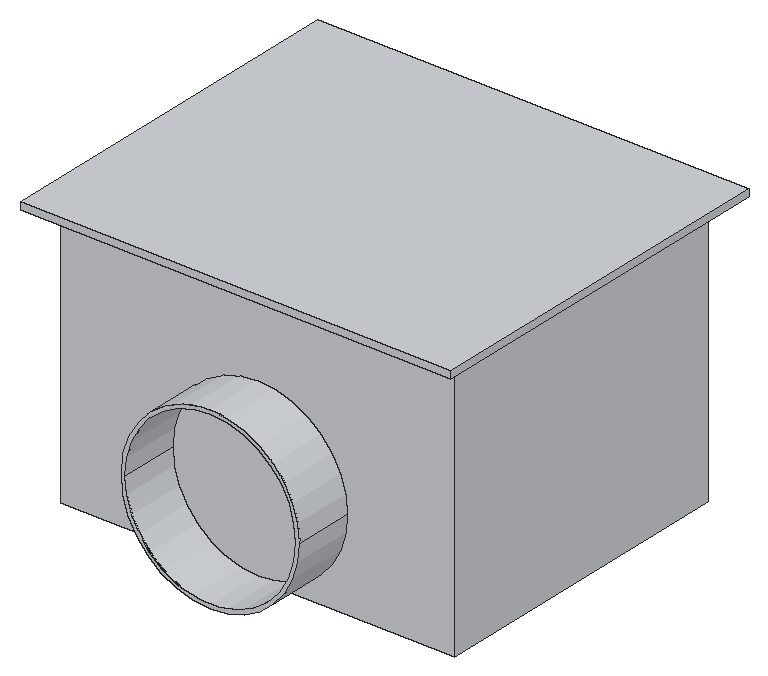
Revit family "EF-5", category Mechanical Equipment, host Face, Revit 2025
Family settings
  Host = Face
  Round Connector Dimension = Use Diameter
  Classification = None
  Part Type = Normal
  Cut with Voids When Loaded = Yes
  Maintain Annotation Orientation = Yes
  Shared = No
  Room Calculation Point = No
Parameters (values of type "SP-A125")
  g_t = 1/8"
  g_H = 1/4"
  g_B = 14 1/2"
  g_A = 12 1/2"
  URL = "https://www.greenheck.com/shop/browse-by-product-model/ceiling-exhaust-fans/sp-a/sp-a125"
  Model = "SP-A125"
  Manufacturer = "GREENHECK"
  Flow = 0 CFM
  Default Elevation = 48"
  D = 6"
  C = 9"
  B = 10 5/8"
  A = 13 1/4"
Reference planes (in)
  plane 1 "Center (Front/Back)": y = 0
  plane 2: z = 0
  plane 3 "Center (Left/Right)": x = 0
  plane 4: z = -9
  plane 5: z = 0.25
  plane 6 "A Face": y = -5.3125
Forms (in)
  Extrusion 1, solid
    sketch origin (0, 0, 0) x (1, 0, 0) y (0, 1, 0)
      loop
        line (-6.625, 5.3125) -> (-6.625, -5.3125) -> (6.625, -5.3125) -> (6.625, 5.3125) -> (-6.625, 5.3125)
    from 0 to -9
  Extrusion 2, solid
    sketch origin (0, 0, 0) x (1, 0, 0) y (0, 1, 0)
      loop
        line (-7.25, 6.25) -> (-7.25, -6.25) -> (7.25, -6.25) -> (7.25, 6.25) -> (-7.25, 6.25)
    from 0 to 0.25
Dimensions and locks (in)
  equal spacing: Extrusion 1 sketch curve, plane 3 "Center (Left/Right)", Extrusion 1 sketch curve
  equal spacing: Extrusion 1 sketch curve, plane 1 "Center (Front/Back)", Extrusion 1 sketch curve
  "B": Extrusion 1 sketch curve to Extrusion 1 sketch curve
  "A": Extrusion 1 sketch curve to Extrusion 1 sketch curve
  "C": plane 2 to plane 4
  equal spacing: Extrusion 2 sketch curve, plane 3 "Center (Left/Right)", Extrusion 2 sketch curve
  equal spacing: Extrusion 2 sketch curve, plane 1 "Center (Front/Back)", Extrusion 2 sketch curve
  "g_A": Extrusion 2 sketch curve to Extrusion 2 sketch curve
  "g_B": Extrusion 2 sketch curve to Extrusion 2 sketch curve
  "g_H": plane 5 to plane 2
  aligned and locked: plane 2 to host face
  aligned and locked: level to host face
  aligned and locked: plane 4 to Extrusion 1
  aligned and locked: plane 5 to Extrusion 2
  aligned and locked: plane 6 "A Face" to Extrusion 1
  aligned and locked: nested 1 to plane 3 "Center (Left/Right)"
  aligned and locked: plane 4 to nested 1
Automatic sketch dimensions
  host sketch curve to host sketch curve = 96"  (x2)
Nested families (in)
  nested 1: "Family1" at (0, -5.3125, -6) x (-1, 0, 0) z (0, -1, 0), type "Family1"
Connectors (in)
  hvac at (0, -7.3125, -6), driven by "Flow", driven by "D", driven by "D", driven by "D"
    settings: on nested 1, index 1, duct flow 0 CFM, flow factor 0, pres drop 0.00 in-wg, loss coef 0, conn angle 0.00°, conn width 6", conn height 6", conn diameter 6", duct sys type 2, conn prof type 0, flow config 0, flow direction 0, loss method 4, conn ref index -1, conn util no, is conn primary yes, conn desc ""
Definition of nested family "Family1"
  Parameters (values of type "Family1")
    Thickness = 1/4"
    Outer Diameter = 6"
    Inner Diameter = Outer Diameter - Thickness  # 5 3/4"
    Depth = 2"
    Default Elevation = 48"
  Reference planes (in)
    plane 1 "Center (Front/Back)": y = 0
    plane 2: z = 0
    plane 3 "Center (Left/Right)": x = 0
    plane 4: z = 2
    plane 5: y = -3
    plane 6: y = 3
    plane 7: x = 3
    plane 8: x = -3
  Forms (in)
    Extrusion 1, solid
      sketch origin (0, 0, 0) x (1, 0, 0) y (0, 1, 0)
        loop
          line (-48, 48) -> (-48, -48) -> (48, -48) -> (48, 48) -> (-48, 48)
      from 0 to -12
    Extrusion 2, solid
      sketch origin (0, 0, 0) x (1, 0, 0) y (0, 1, 0)
        loop
          circle (0, 0) r 3
        loop
          circle (0, 0) r 2.875
      from 0 to 2
  Dimensions and locks (in)
    "Depth": plane 4 to plane 2
    equal spacing: plane 8, plane 3 "Center (Left/Right)", plane 7
    equal spacing: plane 6, plane 1 "Center (Front/Back)", plane 5
    "Outer Diameter": plane 8 to plane 7
    "Outer Diameter": plane 5 to plane 6
    "Outer Diameter": diameter of Extrusion 2 sketch curve
    "Inner Diameter": diameter of Extrusion 2 sketch curve
    aligned and locked: plane 2 to Extrusion 1
    aligned and locked: level to Extrusion 1
    aligned and locked: plane 4 to Extrusion 2
  Automatic sketch dimensions
    Extrusion 1 sketch curve to Extrusion 1 sketch curve = 96"  (x2)
    Extrusion 2 sketch curve to Extrusion 2 sketch curve = 0"  (x2)
    plane 1 "Center (Front/Back)" to Extrusion 2 sketch curve = 0"
    Extrusion 2 sketch curve to plane 3 "Center (Left/Right)" = 0"
